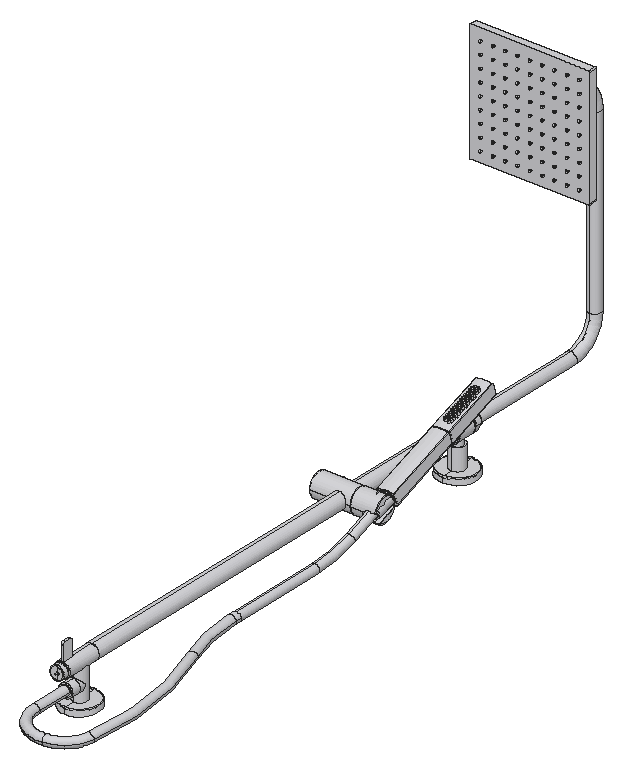
Revit family "Shower-Shower_Column_Kit-KOHLER-ANGULAR-K-76633T_1", category Plumbing Fixtures, host Face, Revit 2017
Family settings
  Host = Face
  Round Connector Dimension = Use Diameter
  Part Type = Normal
  OmniClass Number = 23.31.17.00
  OmniClass Title = Showers
  Cut with Voids When Loaded = No
  Shared = No
  Room Calculation Point = No
Parameters (values of type "CP- Polished chrome")
  Width = 7 7/8"  # constant formula
  WaterSense Certified = 1 = 0  # no
  Waste Water Outlet = "Waste Water Outlet"  # constant formula
  Waste Connection = 1 = 0  # no
  Vent Connection = 1 = 0  # no
  URL = "http://www.kohler.com.cn/\r\nhttp://www.kohler.com.cn/"
  Type = 1
  Product Page URL = ""
  Product Name = "ANGULAR\r\n"  # constant formula
  Product Documentation Link = ""
  Pressure = 80.00 psi  # constant formula
  Model = "K-76633T-CP"  # constant formula
  Material = "Metal construction"  # constant formula
  Master Format 2014 Name = "Residential Showers"  # constant formula
  Master Format 2014 = "22 42 23"  # constant formula
  Manufacturer Address = "Kohler Beijing Office (100016)\n36-2-03-B, No. 88, Liuxiang Road, Beijing"  # constant formula
  Manufacturer = "KOHLER Co."  # constant formula
  Length = 18 109/256"  # constant formula
  Tempered Water Inlet = "Tempered Water Inlet"  # constant formula
  Height = 44 95/256"  # constant formula
  HW Connection = 1 = 1  # yes
  Flow Rate = 2.5 GPM  # constant formula
  Finish = Kohler-Metal-CP-Polished_Chrome
  Environmental Product Declaration = ""
  Drain Included = 1 = 0  # no
  Description = "ANGULAR COLUMN W/SQUARE HEAD AND HAND SHOWER"  # constant formula
  Default Elevation = 42"
  Declare Label = ""
  Date Modified = "12/4/2020"  # constant formula
  Date Created = "12/4/2020"  # constant formula
  Copyright = "Copyright KOHLER Co."  # constant formula
  Contact Us = "http://www.kohler.com.cn/contact/contact-us/"
  Cold Water Inlet = "Cold Water Inlet"  # constant formula
  CW Connection = 1 = 0  # no
  Assembly Code = "D2010700"
  ADA Compliant = 1 = 0  # no
Reference planes (in)
  plane 1 "Center (Front/Back)": y = 0
  plane 2: z = 0
  plane 3 "Center (Left/Right)": x = 0
  plane 4: x = -3.93701
  plane 5: x = 3.93799
  plane 6: y = 14.91494
  plane 7: y = 9.00984
  plane 8: x = 2.0078
  plane 9: y = -21.8563
  plane 10: y = -23.09646
  plane 11: y = -20.61614
  plane 12: x = 1.24016
  plane 13: x = -1.24016
  plane 14: x = -1.85039
  plane 15: x = 2.48031
  plane 16: y = -0.7874
  plane 17: y = 0.7874
  plane 18: y = 20.62402
  plane 19: y = 20.23031
  plane 20: y = -23.74708
  plane 21: z = 18.42578
  plane 22: z = 2.67775
  plane 23: through (0, 20.62383, 10.18421) normal (0, -0.342, 0.9397)
  plane 24: z = 1.33917
  plane 25: through (0, 10.9785, 0) normal (0, 0.9397, 0.342)
  plane 26: through (0, 1.85424, 0) normal (0, 0.9397, 0.342)
  plane 27: z = 22.3622
  plane 28: z = 14.48819
Dimensions and locks (in)
  locked: plane 10 to plane 11 at 2.48031
  locked: plane 13 to plane 12 at 2.48031
  "Width": plane 4 to plane 5
  "Height": plane 18 to plane 20
  locked: plane 7 to plane 9 at 30.86614
  locked: plane 25 to plane 26 at 8.574
  "Length": level to plane 21
  locked: plane 22 to plane 21 at 15.74803
  locked: plane 28 to plane 27 at 7.87402
  locked: plane 24 to plane 22 at 1.33858
  level to plane 22 = 2.67775"
  locked: plane 19 to plane 9 at 42.08661
  locked: plane 6 to plane 9 at 36.77124
  locked: plane 3 "Center (Left/Right)" to plane 8 at 2.0078
  locked: plane 22 to plane 23 (angle 160.00°)
  aligned and locked: plane 2 to host face
  aligned and locked: level to host face
  aligned and locked: nested 1 to plane 1 "Center (Front/Back)"
  aligned and locked: plane 3 "Center (Left/Right)" to nested 1
Automatic sketch dimensions
  host sketch curve to host sketch curve = 96"  (x2)
Nested families (in)
  nested 1: "K-76633T" at (0, 9.00984, 0), type "K-76633T"
Connectors (in)
  piping at (0, -23.74581, 2.67717), diameter 0.5, driven by "Flow Rate", driven by "HW Connection", driven by "Tempered Water Inlet", driven by "Pressure"
    settings: on nested 1, index 1, connector inside diameter 24", connector length 0", flow factor 0, pipe flow 2.5 GPM, pressure drop 80.00 psi, fitting loss kfactor 0, connector angle 0.00°, fixture units 0, engagement length 0", angle of deflection 0.00°, flow configuration 1, flow direction 1, fitting loss method 4, system type 19, joint type 0, gender type 0, connector reference index -1, connector utility 1, adjustable connector no, is connector primary yes, connector description "Tempered Water Inlet"
Definition of nested family "K-76633T"
  Parameters (values of type "K-76633T")
    Material = none
  Reference planes (in)
    plane 1 "Center (Front/Back)": y = 0
    plane 2: z = 0
    plane 3 "Center (Left/Right)": x = 0
    plane 4: x = -3.93701
    plane 5: x = 3.93701
    plane 6: y = -30.86614
    plane 7: y = 11.61417
    plane 8: y = 11.22047
    plane 9 "2": x = 2.0078
    plane 10: y = -9.00984
    plane 11 "1": z = 2.67717
    plane 12: z = 18.4252
    plane 13: z = 22.3622
    plane 14: z = 14.48819
    plane 15: y = 5.9051
    plane 16 "3": through (0, -3.76939, 4.58453) normal (0, 0.342, -0.9397)
    plane 17 "Hs 1": through (0, -3.76939, 4.58453) normal (0, 0.9397, 0.342)
    plane 18 "4": z = 1.33858
    plane 19: y = -32.75591
    plane 20: y = -8.22244
    plane 21: y = -9.79724
    plane 22: x = -1.24016
    plane 23: x = 1.24016
    plane 24: y = -29.62598
    plane 25: y = -32.1063
    plane 26: x = -1.85039
    plane 27: x = 2.48031
    plane 28: through (0, -0.33674, 6.33402) normal (0, -0.9397, -0.342)
    plane 29: through (0, -8.38717, 3.38372) normal (0, -0.9397, -0.342)
  Forms (in)
    Extrusion 1, solid, material <- "Material", detail levels medium+fine
      sketch origin (0, 0, 0) x (1, 0, 0) y (0, 0, 1)
        loop
          arc (-3.85827, 22.3622) -> (-3.91395, 22.33914) -> (-3.93701, 22.28346) r 0.07874
          line (-3.93701, 22.28346) -> (-3.93701, 14.56693)
          arc (-3.93701, 14.56693) -> (-3.91395, 14.51125) -> (-3.85827, 14.48819) r 0.07874
          line (-3.85827, 14.48819) -> (3.85827, 14.48819)
          arc (3.85827, 14.48819) -> (3.91395, 14.51125) -> (3.93701, 14.56693) r 0.07874
          line (3.93701, 14.56693) -> (3.93701, 22.28346)
          arc (3.93701, 22.28346) -> (3.91395, 22.33914) -> (3.85827, 22.3622) r 0.07874
          line (3.85827, 22.3622) -> (-3.85827, 22.3622)
      from -6.41691 to -5.9051
    Revolve 2, solid, material <- "Material", detail levels medium+fine
      sketch origin (0, 0, 0) x (0, 1, 0) y (0, 0, 1)
        loop
          arc (7.56691, 18.89764) -> (7.54885, 18.89194) -> (7.53732, 18.87691) r 0.0315
          line (7.53732, 18.87691) -> (7.50954, 18.8006)
          arc (7.50954, 18.8006) -> (7.49801, 18.78557) -> (7.47994, 18.77988) r 0.0315
          line (7.47994, 18.77988) -> (7.36868, 18.77988)
          arc (7.36868, 18.77988) -> (7.35358, 18.78289) -> (7.34079, 18.79146) r 0.03937
          arc (7.34079, 18.79146) -> (7.2917, 18.83217) -> (7.23581, 18.86287) r 0.33623
          line (7.23581, 18.86287) -> (7.23581, 19.09768)
          arc (7.23581, 19.09768) -> (7.22536, 19.12439) -> (7.19957, 19.13693) r 0.03937
          arc (7.19957, 19.13693) -> (6.81838, 19.16122) -> (6.43659, 19.17323) r 11.86621
          line (6.43659, 19.17323) -> (6.43659, 19.2126) -> (6.36239, 19.2126) -> (6.36239, 18.4252) -> (8.45472, 18.4252) -> (8.45472, 18.78937) -> (8.34604, 18.78937) -> (8.34604, 18.89764) -> (7.56691, 18.89764)
        axis (6.36239, 18.4252) -> (8.45472, 18.4252)
      angle from 0 to 360
    Revolve 3, solid, material <- "Material", detail levels medium+fine
      sketch origin (0, 0, 0) x (0, 1, 0) y (0, 0, 1)
        loop
          line (1.23939, 0) -> (1.23065, 0.36296)
          arc (1.23065, 0.36296) -> (1.22116, 0.38474) -> (1.19916, 0.3937) r 0.0315
          line (1.19916, 0.3937) -> (0.49213, 0.3937) -> (0.49213, 1.75197) -> (0.31487, 1.75197) -> (0.31487, 2.69198) -> (0, 2.69198) -> (0, 0) -> (1.23939, 0)
        axis (0, 2.69198) -> (0, 0)
      angle from 0 to 360
    Revolve 4, solid, material <- "Material", detail levels medium+fine
      sketch origin (0, 0, 0) x (0, 1, 0) y (0, 0, 1)
        loop
          line (1.15567, 2.67717) -> (1.15567, 3.30316)
          arc (1.15567, 3.30316) -> (1.14875, 3.31987) -> (1.13204, 3.32679) r 0.02362
          line (1.13204, 3.32679) -> (0.70685, 3.32679)
          arc (0.70685, 3.32679) -> (0.69014, 3.31987) -> (0.68322, 3.30316) r 0.02362
          line (0.68322, 3.30316) -> (0.68322, 3.22835) -> (0.62008, 3.22835) -> (0.62008, 3.30316)
          arc (0.62008, 3.30316) -> (0.61316, 3.31987) -> (0.59646, 3.32679) r 0.02362
          line (0.59646, 3.32679) -> (-0.59646, 3.32679)
          arc (-0.59646, 3.32679) -> (-0.61316, 3.31987) -> (-0.62008, 3.30316) r 0.02362
          line (-0.62008, 3.30316) -> (-0.62008, 3.16929) -> (-29.89173, 3.16929) -> (-29.89173, 3.02555) -> (-29.9311, 3.02555) -> (-29.9311, 3.16929) -> (-32.28645, 3.16929) -> (-32.28645, 3.10734) -> (-32.31795, 3.10734) -> (-32.31795, 3.16929) -> (-32.37205, 3.16929) -> (-32.37205, 3.09918)
          arc (-32.37205, 3.09918) -> (-32.37839, 3.11398) -> (-32.39329, 3.12008) r 0.02125
          line (-32.39329, 3.12008) -> (-32.72441, 3.12008)
          arc (-32.72441, 3.12008) -> (-32.74668, 3.11086) -> (-32.75591, 3.08858) r 0.0315
          line (-32.75591, 3.08858) -> (-32.75591, 2.67717) -> (1.15567, 2.67717)
        axis (1.15567, 2.67717) -> (-32.75591, 2.67717)
      angle from 0 to 360
    Extrusion 5, solid, material <- "Material", detail levels medium+fine
      sketch origin (0, 0, 0) x (0, 1, 0) y (0, 0, 1)
        loop
          line (-32.25394, 2.88736) -> (-31.62402, 2.88736) -> (-31.62402, 4.1472)
          arc (-31.62402, 4.1472) -> (-31.65861, 4.23072) -> (-31.74213, 4.26531) r 0.11811
          line (-31.74213, 4.26531) -> (-32.13583, 4.26531)
          arc (-32.13583, 4.26531) -> (-32.21934, 4.23072) -> (-32.25394, 4.1472) r 0.11811
          line (-32.25394, 4.1472) -> (-32.25394, 2.88736)
      from -0.07874 to 0.07874
    Revolve 6, solid, material <- "Material", detail levels medium+fine
      sketch origin (0, 0, 0) x (0, 1, 0) y (0, 0, 1)
        loop
          line (-29.62598, 0) -> (-29.63568, 0.3707)
          arc (-29.63568, 0.3707) -> (-29.64281, 0.387) -> (-29.65929, 0.3937) r 0.02362
          line (-29.65929, 0.3937) -> (-30.40568, 0.3937) -> (-30.40568, 2.6538) -> (-30.86614, 2.6538) -> (-30.86614, 0) -> (-29.62598, 0)
        axis (-30.86614, 0) -> (-30.86614, 2.6538)
      angle from 0 to 360
    Revolve 7, solid, material <- "Material", detail levels medium+fine
      sketch origin (0, 0, 0) x (0, 1, 0) y (0, 0, 1)
        loop
          line (-31.41732, 1.7815) -> (-32.00787, 1.7815)
          arc (-32.00787, 1.7815) -> (-32.03015, 1.77227) -> (-32.03937, 1.75) r 0.0315
          line (-32.03937, 1.75) -> (-32.03937, 1.33858) -> (-30.84468, 1.33858) -> (-30.84468, 1.79134) -> (-31.39764, 1.79134) -> (-31.39764, 1.7586)
          arc (-31.39764, 1.7586) -> (-31.40223, 1.77457) -> (-31.41732, 1.7815) r 0.01991
        axis (-32.03937, 1.33858) -> (-30.84468, 1.33858)
      angle from 0 to 360
    Revolve 8, solid, material <- "Material", detail levels medium+fine
      sketch origin (0, 0, 2.67717) x (0, 1, 0) y (-1, 0, 0)
        loop
          line (-9.00984, 1.85039) -> (-9.00984, -2.48031)
          arc (-9.00984, -2.48031) -> (-8.62746, -2.47686) -> (-8.24521, -2.46648) r 21.1029
          arc (-8.24521, -2.46648) -> (-8.22906, -2.45927) -> (-8.22244, -2.44287) r 0.02362
          line (-8.22244, -2.44287) -> (-8.22244, -0.87) -> (-8.32956, -0.87) -> (-8.32956, -0.82677) -> (-8.22244, -0.82677) -> (-8.22244, 1.82677)
          arc (-8.22244, 1.82677) -> (-8.22936, 1.84347) -> (-8.24606, 1.85039) r 0.02362
          line (-8.24606, 1.85039) -> (-9.00984, 1.85039)
        axis (-9.00984, 1.85039) -> (-9.00984, -2.48031)
      angle from 0 to 360
    Revolve 9, solid, material <- "Material", detail levels medium+fine
      sketch origin (0, 0, 2.67717) x (0, 1, 0) y (-1, 0, 0)
        loop
          line (-8.27719, 1.32295) -> (-8.34538, 1.04947) -> (-7.88958, 0.93583) -> (-7.8214, 1.20931) -> (-8.27719, 1.32295)
        axis (-7.88958, 0.93583) -> (-8.34538, 1.04947)
      angle from 0 to 360
    Extrusion 10, void
      sketch origin (0, 0, 2.67717) x (0, 1, 0) y (-1, 0, 0)
        loop
          line (-7.81203, 1.31888) -> (-8.04134, 1.31888) -> (-8.04134, 0.59677) -> (-7.81203, 0.59677) -> (-7.81203, 1.31888)
      from -0.44094 to 0.73417
    Sweep 11, solid, material <- "Material"
      path origin (0, 0, 0) x (0, 1, 0) y (0, 0, 1)
        loop
          line (1.12965, 2.67717) -> (9.25197, 2.67717)
          arc (9.25197, 2.67717) -> (10.64391, 3.25373) -> (11.22047, 4.64567) r 1.9685
          line (11.22047, 4.64567) -> (11.22047, 16.45669)
          arc (11.22047, 16.45669) -> (10.64391, 17.84864) -> (9.25197, 18.4252) r 1.9685
          line (9.25197, 18.4252) -> (8.45472, 18.4252)
      profile origin (0, 5.19081, 2.67717) x (0, 0, 1) y (1, 0, 0)
        loop
          circle (0, 0) r 0.3937
    Extrusion 12, void
      sketch origin (0, 0, 0) x (1, 0, 0) y (0, 0, 1)
        loop
          line (0.72394, 2.78627) -> (0.34324, 2.09337) -> (0.47413, 2.02146) -> (0.85483, 2.71436) -> (0.72394, 2.78627)
        loop
          line (-0.68792, 2.6313) -> (-0.33266, 3.2779) -> (-0.47091, 3.35386) -> (-0.82617, 2.70726) -> (-0.68792, 2.6313)
      from -1.41527 to -0.64778
    Revolve 13, void
      sketch origin (2.0078, 0, 0) x (0, -1, 0) y (0, 0, 1)
        loop
          line (8.42361, 3.44129) -> (8.2466, 2.95496) -> (9.89565, 2.35476) -> (10.03069, 2.72578) -> (8.42361, 3.44129)
        axis (9.89565, 2.35476) -> (8.2466, 2.95496)
      angle from 0 to 360
    Extrusion 14, void
      sketch origin (2.0078, 0, 0) x (0, -1, 0) y (0, 0, 1)
        loop
          line (7.55637, 3.59727) -> (7.30499, 2.9066) -> (10.70967, 1.66739) -> (10.96105, 2.35807) -> (7.55637, 3.59727)
      from -1.56367 to 0.00441
    Revolve 15, solid, material <- "Material", detail levels medium+fine
      sketch origin (2.0078, 0, 0) x (0, -1, 0) y (0, 0, 1)
        loop
          arc (8.47236, 3.35461) -> (8.46941, 3.36968) -> (8.45758, 3.37948) r 0.02284
          line (8.45758, 3.37948) -> (8.41624, 3.39452)
          arc (8.41624, 3.39452) -> (8.39818, 3.39373) -> (8.38597, 3.3804) r 0.02362
          line (8.38597, 3.3804) -> (8.23293, 2.95994) -> (9.46807, 2.51038) -> (9.56906, 2.78785) -> (9.52837, 2.80266) -> (9.55502, 2.8759)
          arc (9.55502, 2.8759) -> (9.55424, 2.89938) -> (9.53742, 2.91579) r 0.0315
          line (9.53742, 2.91579) -> (8.47236, 3.35461)
        axis (8.23293, 2.95994) -> (9.46807, 2.51038)
      angle from 0 to 360
    Extrusion 16, solid, material <- "Material", detail levels medium+fine
      sketch origin (0, -1.85502, -0.67517) x (0, 0.34202, -0.939693) y (-1, 0, 0)
        loop
          arc (-6.01022, -2.5198) -> (-5.99972, -2.53704) -> (-5.98092, -2.54437) r 0.0315
          arc (-5.98092, -2.54437) -> (-5.59027, -2.5534) -> (-5.19962, -2.54494) r 8.72381
          arc (-5.19962, -2.54494) -> (-5.18062, -2.53748) -> (-5.17018, -2.51994) r 0.0315
          arc (-5.17018, -2.51994) -> (-5.11713, -2.00776) -> (-5.17052, -1.49562) r 2.49101
          arc (-5.17052, -1.49562) -> (-5.18096, -1.47809) -> (-5.19996, -1.47064) r 0.0315
          arc (-5.19996, -1.47064) -> (-5.591, -1.46219) -> (-5.98203, -1.47127) r 8.72381
          arc (-5.98203, -1.47127) -> (-6.00085, -1.47863) -> (-6.01134, -1.49591) r 0.0315
          arc (-6.01134, -1.49591) -> (-6.0672, -2.00792) -> (-6.01022, -2.5198) r 2.35051
      from -4.75 to 3.824
    Extrusion 17, void
      sketch origin (2.0078, 0, 0) x (0, -1, 0) y (0, 0, 1)
        loop
          line (4.00768, 5.23921) -> (3.88044, 5.28552) -> (3.80642, 5.08214) -> (3.86071, 5.06238)
          arc (3.86071, 5.06238) -> (3.87404, 5.05017) -> (3.87483, 5.0321) r 0.02362
          line (3.87483, 5.0321) -> (3.56244, 4.17382)
          arc (3.56244, 4.17382) -> (3.55022, 4.16049) -> (3.53216, 4.1597) r 0.02362
          line (3.53216, 4.1597) -> (3.47787, 4.17946) -> (3.40388, 3.97616) -> (3.53111, 3.92985) -> (4.00768, 5.23921)
      from -0.93574 to 0.73032
    Revolve 18, solid, material <- "Material", detail levels medium+fine
      sketch origin (2.0078, 0, 0) x (0, -1, 0) y (0, 0, 1)
        loop
          line (3.89069, 4.91781) -> (3.83995, 4.93628) -> (3.71865, 4.603) -> (3.76939, 4.58453) -> (3.89069, 4.91781)
        axis (3.71865, 4.603) -> (3.76939, 4.58453)
      angle from 0 to 360
    Extrusion 19, solid, detail levels medium+fine
      sketch origin (0, 0, 0) x (1, 0, 0) y (0, 0, 1)
        loop
          circle (-3.19857, 21.62108) r 0.07087
      from -6.02321 to -5.85242
    Extrusion 20, solid, detail levels medium+fine
      sketch origin (0, 0, -0.80712) x (1, 0, 0) y (0, 0, 1)
        loop
          circle (-3.19857, 21.62108) r 0.07087
      from -6.02321 to -5.85242
    Extrusion 21, solid, detail levels medium+fine
      sketch origin (0, 0, -1.61423) x (1, 0, 0) y (0, 0, 1)
        loop
          circle (-3.19857, 21.62108) r 0.07087
      from -6.02321 to -5.85242
    Extrusion 22, solid, detail levels medium+fine
      sketch origin (0, 0, -2.42135) x (1, 0, 0) y (0, 0, 1)
        loop
          circle (-3.19857, 21.62108) r 0.07087
      from -6.02321 to -5.85242
    Extrusion 23, solid, detail levels medium+fine
      sketch origin (0, 0, -3.22847) x (1, 0, 0) y (0, 0, 1)
        loop
          circle (-3.19857, 21.62108) r 0.07087
      from -6.02321 to -5.85242
    Extrusion 24, solid, detail levels medium+fine
      sketch origin (0, 0, -4.03559) x (1, 0, 0) y (0, 0, 1)
        loop
          circle (-3.19857, 21.62108) r 0.07087
      from -6.02321 to -5.85242
    Extrusion 25, solid, detail levels medium+fine
      sketch origin (0, 0, -4.8427) x (1, 0, 0) y (0, 0, 1)
        loop
          circle (-3.19857, 21.62108) r 0.07087
      from -6.02321 to -5.85242
    Extrusion 26, solid, detail levels medium+fine
      sketch origin (0, 0, -5.64982) x (1, 0, 0) y (0, 0, 1)
        loop
          circle (-3.19857, 21.62108) r 0.07087
      from -6.02321 to -5.85242
    Extrusion 27, solid, detail levels medium+fine
      sketch origin (0, 0, -6.45694) x (1, 0, 0) y (0, 0, 1)
        loop
          circle (-3.19857, 21.62108) r 0.07087
      from -6.02321 to -5.85242
    Extrusion 28, solid, detail levels medium+fine
      sketch origin (0.8071, 0, 0) x (1, 0, 0) y (0, 0, 1)
        loop
          circle (-3.19857, 21.62108) r 0.07087
      from -6.02321 to -5.85242
    Extrusion 29, solid, detail levels medium+fine
      sketch origin (0.8071, 0, -0.80712) x (1, 0, 0) y (0, 0, 1)
        loop
          circle (-3.19857, 21.62108) r 0.07087
      from -6.02321 to -5.85242
    Extrusion 30, solid, detail levels medium+fine
      sketch origin (0.8071, 0, -1.61423) x (1, 0, 0) y (0, 0, 1)
        loop
          circle (-3.19857, 21.62108) r 0.07087
      from -6.02321 to -5.85242
    Extrusion 31, solid, detail levels medium+fine
      sketch origin (0.8071, 0, -2.42135) x (1, 0, 0) y (0, 0, 1)
        loop
          circle (-3.19857, 21.62108) r 0.07087
      from -6.02321 to -5.85242
    Extrusion 32, solid, detail levels medium+fine
      sketch origin (0.8071, 0, -3.22847) x (1, 0, 0) y (0, 0, 1)
        loop
          circle (-3.19857, 21.62108) r 0.07087
      from -6.02321 to -5.85242
    Extrusion 33, solid, detail levels medium+fine
      sketch origin (0.8071, 0, -4.03559) x (1, 0, 0) y (0, 0, 1)
        loop
          circle (-3.19857, 21.62108) r 0.07087
      from -6.02321 to -5.85242
    Extrusion 34, solid, detail levels medium+fine
      sketch origin (0.8071, 0, -4.8427) x (1, 0, 0) y (0, 0, 1)
        loop
          circle (-3.19857, 21.62108) r 0.07087
      from -6.02321 to -5.85242
    Extrusion 35, solid, detail levels medium+fine
      sketch origin (0.8071, 0, -5.64982) x (1, 0, 0) y (0, 0, 1)
        loop
          circle (-3.19857, 21.62108) r 0.07087
      from -6.02321 to -5.85242
    Extrusion 36, solid, detail levels medium+fine
      sketch origin (0.8071, 0, -6.45694) x (1, 0, 0) y (0, 0, 1)
        loop
          circle (-3.19857, 21.62108) r 0.07087
      from -6.02321 to -5.85242
    Extrusion 37, solid, detail levels medium+fine
      sketch origin (1.61421, 0, 0) x (1, 0, 0) y (0, 0, 1)
        loop
          circle (-3.19857, 21.62108) r 0.07087
      from -6.02321 to -5.85242
    Extrusion 38, solid, detail levels medium+fine
      sketch origin (1.61421, 0, -0.80712) x (1, 0, 0) y (0, 0, 1)
        loop
          circle (-3.19857, 21.62108) r 0.07087
      from -6.02321 to -5.85242
    Extrusion 39, solid, detail levels medium+fine
      sketch origin (1.61421, 0, -1.61423) x (1, 0, 0) y (0, 0, 1)
        loop
          circle (-3.19857, 21.62108) r 0.07087
      from -6.02321 to -5.85242
    Extrusion 40, solid, detail levels medium+fine
      sketch origin (1.61421, 0, -2.42135) x (1, 0, 0) y (0, 0, 1)
        loop
          circle (-3.19857, 21.62108) r 0.07087
      from -6.02321 to -5.85242
    Extrusion 41, solid, detail levels medium+fine
      sketch origin (1.61421, 0, -3.22847) x (1, 0, 0) y (0, 0, 1)
        loop
          circle (-3.19857, 21.62108) r 0.07087
      from -6.02321 to -5.85242
    Extrusion 42, solid, detail levels medium+fine
      sketch origin (1.61421, 0, -4.03559) x (1, 0, 0) y (0, 0, 1)
        loop
          circle (-3.19857, 21.62108) r 0.07087
      from -6.02321 to -5.85242
    Extrusion 43, solid, detail levels medium+fine
      sketch origin (1.61421, 0, -4.8427) x (1, 0, 0) y (0, 0, 1)
        loop
          circle (-3.19857, 21.62108) r 0.07087
      from -6.02321 to -5.85242
    Extrusion 44, solid, detail levels medium+fine
      sketch origin (1.61421, 0, -5.64982) x (1, 0, 0) y (0, 0, 1)
        loop
          circle (-3.19857, 21.62108) r 0.07087
      from -6.02321 to -5.85242
    Extrusion 45, solid, detail levels medium+fine
      sketch origin (1.61421, 0, -6.45694) x (1, 0, 0) y (0, 0, 1)
        loop
          circle (-3.19857, 21.62108) r 0.07087
      from -6.02321 to -5.85242
    Extrusion 46, solid, detail levels medium+fine
      sketch origin (2.42131, 0, 0) x (1, 0, 0) y (0, 0, 1)
        loop
          circle (-3.19857, 21.62108) r 0.07087
      from -6.02321 to -5.85242
    Extrusion 47, solid, detail levels medium+fine
      sketch origin (2.42131, 0, -0.80712) x (1, 0, 0) y (0, 0, 1)
        loop
          circle (-3.19857, 21.62108) r 0.07087
      from -6.02321 to -5.85242
    Extrusion 48, solid, detail levels medium+fine
      sketch origin (2.42131, 0, -1.61423) x (1, 0, 0) y (0, 0, 1)
        loop
          circle (-3.19857, 21.62108) r 0.07087
      from -6.02321 to -5.85242
    Extrusion 49, solid, detail levels medium+fine
      sketch origin (2.42131, 0, -2.42135) x (1, 0, 0) y (0, 0, 1)
        loop
          circle (-3.19857, 21.62108) r 0.07087
      from -6.02321 to -5.85242
    Extrusion 50, solid, detail levels medium+fine
      sketch origin (2.42131, 0, -3.22847) x (1, 0, 0) y (0, 0, 1)
        loop
          circle (-3.19857, 21.62108) r 0.07087
      from -6.02321 to -5.85242
    Extrusion 51, solid, detail levels medium+fine
      sketch origin (2.42131, 0, -4.03559) x (1, 0, 0) y (0, 0, 1)
        loop
          circle (-3.19857, 21.62108) r 0.07087
      from -6.02321 to -5.85242
    Extrusion 52, solid, detail levels medium+fine
      sketch origin (2.42131, 0, -4.8427) x (1, 0, 0) y (0, 0, 1)
        loop
          circle (-3.19857, 21.62108) r 0.07087
      from -6.02321 to -5.85242
    Extrusion 53, solid, detail levels medium+fine
      sketch origin (2.42131, 0, -5.64982) x (1, 0, 0) y (0, 0, 1)
        loop
          circle (-3.19857, 21.62108) r 0.07087
      from -6.02321 to -5.85242
    Extrusion 54, solid, detail levels medium+fine
      sketch origin (2.42131, 0, -6.45694) x (1, 0, 0) y (0, 0, 1)
        loop
          circle (-3.19857, 21.62108) r 0.07087
      from -6.02321 to -5.85242
    Extrusion 55, solid, detail levels medium+fine
      sketch origin (3.22842, 0, 0) x (1, 0, 0) y (0, 0, 1)
        loop
          circle (-3.19857, 21.62108) r 0.07087
      from -6.02321 to -5.85242
    Extrusion 56, solid, detail levels medium+fine
      sketch origin (3.22842, 0, -0.80712) x (1, 0, 0) y (0, 0, 1)
        loop
          circle (-3.19857, 21.62108) r 0.07087
      from -6.02321 to -5.85242
    Extrusion 57, solid, detail levels medium+fine
      sketch origin (3.22842, 0, -1.61423) x (1, 0, 0) y (0, 0, 1)
        loop
          circle (-3.19857, 21.62108) r 0.07087
      from -6.02321 to -5.85242
    Extrusion 58, solid, detail levels medium+fine
      sketch origin (3.22842, 0, -2.42135) x (1, 0, 0) y (0, 0, 1)
        loop
          circle (-3.19857, 21.62108) r 0.07087
      from -6.02321 to -5.85242
    Extrusion 59, solid, detail levels medium+fine
      sketch origin (3.22842, 0, -3.22847) x (1, 0, 0) y (0, 0, 1)
        loop
          circle (-3.19857, 21.62108) r 0.07087
      from -6.02321 to -5.85242
    Extrusion 60, solid, detail levels medium+fine
      sketch origin (3.22842, 0, -4.03559) x (1, 0, 0) y (0, 0, 1)
        loop
          circle (-3.19857, 21.62108) r 0.07087
      from -6.02321 to -5.85242
    Extrusion 61, solid, detail levels medium+fine
      sketch origin (3.22842, 0, -4.8427) x (1, 0, 0) y (0, 0, 1)
        loop
          circle (-3.19857, 21.62108) r 0.07087
      from -6.02321 to -5.85242
    Extrusion 62, solid, detail levels medium+fine
      sketch origin (3.22842, 0, -5.64982) x (1, 0, 0) y (0, 0, 1)
        loop
          circle (-3.19857, 21.62108) r 0.07087
      from -6.02321 to -5.85242
    Extrusion 63, solid, detail levels medium+fine
      sketch origin (3.22842, 0, -6.45694) x (1, 0, 0) y (0, 0, 1)
        loop
          circle (-3.19857, 21.62108) r 0.07087
      from -6.02321 to -5.85242
    Extrusion 64, solid, detail levels medium+fine
      sketch origin (4.03552, 0, 0) x (1, 0, 0) y (0, 0, 1)
        loop
          circle (-3.19857, 21.62108) r 0.07087
      from -6.02321 to -5.85242
    Extrusion 65, solid, detail levels medium+fine
      sketch origin (4.03552, 0, -0.80712) x (1, 0, 0) y (0, 0, 1)
        loop
          circle (-3.19857, 21.62108) r 0.07087
      from -6.02321 to -5.85242
    Extrusion 66, solid, detail levels medium+fine
      sketch origin (4.03552, 0, -1.61423) x (1, 0, 0) y (0, 0, 1)
        loop
          circle (-3.19857, 21.62108) r 0.07087
      from -6.02321 to -5.85242
    Extrusion 67, solid, detail levels medium+fine
      sketch origin (4.03552, 0, -2.42135) x (1, 0, 0) y (0, 0, 1)
        loop
          circle (-3.19857, 21.62108) r 0.07087
      from -6.02321 to -5.85242
    Extrusion 68, solid, detail levels medium+fine
      sketch origin (4.03552, 0, -3.22847) x (1, 0, 0) y (0, 0, 1)
        loop
          circle (-3.19857, 21.62108) r 0.07087
      from -6.02321 to -5.85242
    Extrusion 69, solid, detail levels medium+fine
      sketch origin (4.03552, 0, -4.03559) x (1, 0, 0) y (0, 0, 1)
        loop
          circle (-3.19857, 21.62108) r 0.07087
      from -6.02321 to -5.85242
    Extrusion 70, solid, detail levels medium+fine
      sketch origin (4.03552, 0, -4.8427) x (1, 0, 0) y (0, 0, 1)
        loop
          circle (-3.19857, 21.62108) r 0.07087
      from -6.02321 to -5.85242
    Extrusion 71, solid, detail levels medium+fine
      sketch origin (4.03552, 0, -5.64982) x (1, 0, 0) y (0, 0, 1)
        loop
          circle (-3.19857, 21.62108) r 0.07087
      from -6.02321 to -5.85242
    Extrusion 72, solid, detail levels medium+fine
      sketch origin (4.03552, 0, -6.45694) x (1, 0, 0) y (0, 0, 1)
        loop
          circle (-3.19857, 21.62108) r 0.07087
      from -6.02321 to -5.85242
    Extrusion 73, solid, detail levels medium+fine
      sketch origin (4.84263, 0, 0) x (1, 0, 0) y (0, 0, 1)
        loop
          circle (-3.19857, 21.62108) r 0.07087
      from -6.02321 to -5.85242
    Extrusion 74, solid, detail levels medium+fine
      sketch origin (4.84263, 0, -0.80712) x (1, 0, 0) y (0, 0, 1)
        loop
          circle (-3.19857, 21.62108) r 0.07087
      from -6.02321 to -5.85242
    Extrusion 75, solid, detail levels medium+fine
      sketch origin (4.84263, 0, -1.61423) x (1, 0, 0) y (0, 0, 1)
        loop
          circle (-3.19857, 21.62108) r 0.07087
      from -6.02321 to -5.85242
    Extrusion 76, solid, detail levels medium+fine
      sketch origin (4.84263, 0, -2.42135) x (1, 0, 0) y (0, 0, 1)
        loop
          circle (-3.19857, 21.62108) r 0.07087
      from -6.02321 to -5.85242
    Extrusion 77, solid, detail levels medium+fine
      sketch origin (4.84263, 0, -3.22847) x (1, 0, 0) y (0, 0, 1)
        loop
          circle (-3.19857, 21.62108) r 0.07087
      from -6.02321 to -5.85242
    Extrusion 78, solid, detail levels medium+fine
      sketch origin (4.84263, 0, -4.03559) x (1, 0, 0) y (0, 0, 1)
        loop
          circle (-3.19857, 21.62108) r 0.07087
      from -6.02321 to -5.85242
    Extrusion 79, solid, detail levels medium+fine
      sketch origin (4.84263, 0, -4.8427) x (1, 0, 0) y (0, 0, 1)
        loop
          circle (-3.19857, 21.62108) r 0.07087
      from -6.02321 to -5.85242
    Extrusion 80, solid, detail levels medium+fine
      sketch origin (4.84263, 0, -5.64982) x (1, 0, 0) y (0, 0, 1)
        loop
          circle (-3.19857, 21.62108) r 0.07087
      from -6.02321 to -5.85242
    Extrusion 81, solid, detail levels medium+fine
      sketch origin (4.84263, 0, -6.45694) x (1, 0, 0) y (0, 0, 1)
        loop
          circle (-3.19857, 21.62108) r 0.07087
      from -6.02321 to -5.85242
    Extrusion 82, solid, detail levels medium+fine
      sketch origin (5.64973, 0, 0) x (1, 0, 0) y (0, 0, 1)
        loop
          circle (-3.19857, 21.62108) r 0.07087
      from -6.02321 to -5.85242
    Extrusion 83, solid, detail levels medium+fine
      sketch origin (5.64973, 0, -0.80712) x (1, 0, 0) y (0, 0, 1)
        loop
          circle (-3.19857, 21.62108) r 0.07087
      from -6.02321 to -5.85242
    Extrusion 84, solid, detail levels medium+fine
      sketch origin (5.64973, 0, -1.61423) x (1, 0, 0) y (0, 0, 1)
        loop
          circle (-3.19857, 21.62108) r 0.07087
      from -6.02321 to -5.85242
    Extrusion 85, solid, detail levels medium+fine
      sketch origin (5.64973, 0, -2.42135) x (1, 0, 0) y (0, 0, 1)
        loop
          circle (-3.19857, 21.62108) r 0.07087
      from -6.02321 to -5.85242
    Extrusion 86, solid, detail levels medium+fine
      sketch origin (5.64973, 0, -3.22847) x (1, 0, 0) y (0, 0, 1)
        loop
          circle (-3.19857, 21.62108) r 0.07087
      from -6.02321 to -5.85242
    Extrusion 87, solid, detail levels medium+fine
      sketch origin (5.64973, 0, -4.03559) x (1, 0, 0) y (0, 0, 1)
        loop
          circle (-3.19857, 21.62108) r 0.07087
      from -6.02321 to -5.85242
    Extrusion 88, solid, detail levels medium+fine
      sketch origin (5.64973, 0, -4.8427) x (1, 0, 0) y (0, 0, 1)
        loop
          circle (-3.19857, 21.62108) r 0.07087
      from -6.02321 to -5.85242
    Extrusion 89, solid, detail levels medium+fine
      sketch origin (5.64973, 0, -5.64982) x (1, 0, 0) y (0, 0, 1)
        loop
          circle (-3.19857, 21.62108) r 0.07087
      from -6.02321 to -5.85242
    Extrusion 90, solid, detail levels medium+fine
      sketch origin (5.64973, 0, -6.45694) x (1, 0, 0) y (0, 0, 1)
        loop
          circle (-3.19857, 21.62108) r 0.07087
      from -6.02321 to -5.85242
    Extrusion 91, solid, detail levels medium+fine
      sketch origin (6.45684, 0, 0) x (1, 0, 0) y (0, 0, 1)
        loop
          circle (-3.19857, 21.62108) r 0.07087
      from -6.02321 to -5.85242
    Extrusion 92, solid, detail levels medium+fine
      sketch origin (6.45684, 0, -0.80712) x (1, 0, 0) y (0, 0, 1)
        loop
          circle (-3.19857, 21.62108) r 0.07087
      from -6.02321 to -5.85242
    Extrusion 93, solid, detail levels medium+fine
      sketch origin (6.45684, 0, -1.61423) x (1, 0, 0) y (0, 0, 1)
        loop
          circle (-3.19857, 21.62108) r 0.07087
      from -6.02321 to -5.85242
    Extrusion 94, solid, detail levels medium+fine
      sketch origin (6.45684, 0, -2.42135) x (1, 0, 0) y (0, 0, 1)
        loop
          circle (-3.19857, 21.62108) r 0.07087
      from -6.02321 to -5.85242
    Extrusion 95, solid, detail levels medium+fine
      sketch origin (6.45684, 0, -3.22847) x (1, 0, 0) y (0, 0, 1)
        loop
          circle (-3.19857, 21.62108) r 0.07087
      from -6.02321 to -5.85242
    Extrusion 96, solid, detail levels medium+fine
      sketch origin (6.45684, 0, -4.03559) x (1, 0, 0) y (0, 0, 1)
        loop
          circle (-3.19857, 21.62108) r 0.07087
      from -6.02321 to -5.85242
    Extrusion 97, solid, detail levels medium+fine
      sketch origin (6.45684, 0, -4.8427) x (1, 0, 0) y (0, 0, 1)
        loop
          circle (-3.19857, 21.62108) r 0.07087
      from -6.02321 to -5.85242
    Extrusion 98, solid, detail levels medium+fine
      sketch origin (6.45684, 0, -5.64982) x (1, 0, 0) y (0, 0, 1)
        loop
          circle (-3.19857, 21.62108) r 0.07087
      from -6.02321 to -5.85242
    Extrusion 99, solid, detail levels medium+fine
      sketch origin (6.45684, 0, -6.45694) x (1, 0, 0) y (0, 0, 1)
        loop
          circle (-3.19857, 21.62108) r 0.07087
      from -6.02321 to -5.85242
    Extrusion 100, solid, detail levels medium+fine
      sketch origin (0, -1.91438, 5.2597) x (0, -0.939693, -0.34202) y (-1, 0, 0)
        loop
          circle (-1.21498, -1.89877) r 0.05906
        loop
          circle (-1.01356, -1.89877) r 0.05906
        loop
          circle (-0.8167, -1.89877) r 0.05906
        loop
          circle (-0.61985, -1.89877) r 0.05906
        loop
          circle (-0.423, -1.89877) r 0.05906
        loop
          circle (-0.22615, -1.89877) r 0.05906
        loop
          circle (-0.0293, -1.89877) r 0.05906
        loop
          circle (0.16755, -1.89877) r 0.05906
        loop
          circle (0.3644, -1.89877) r 0.05906
        loop
          circle (0.56125, -1.89877) r 0.05906
        loop
          circle (0.7581, -1.89877) r 0.05906
        loop
          circle (0.95495, -1.89877) r 0.05906
        loop
          circle (1.1518, -1.89877) r 0.05906
        loop
          circle (1.34865, -1.89877) r 0.05906
        loop
          circle (-1.11197, -1.79575) r 0.05906
        loop
          circle (-0.91512, -1.79575) r 0.05906
        loop
          circle (-0.71827, -1.79575) r 0.05906
        loop
          circle (-0.52142, -1.79575) r 0.05906
        loop
          circle (-0.32457, -1.79575) r 0.05906
        loop
          circle (-0.12772, -1.79575) r 0.05906
        loop
          circle (0.06913, -1.79575) r 0.05906
        loop
          circle (0.26598, -1.79575) r 0.05906
        loop
          circle (0.46283, -1.79575) r 0.05906
        loop
          circle (0.65968, -1.79575) r 0.05906
        loop
          circle (0.85654, -1.79575) r 0.05906
        loop
          circle (1.05339, -1.79575) r 0.05906
        loop
          circle (1.25024, -1.79575) r 0.05906
        loop
          circle (-1.21498, -2.11683) r 0.05906
        loop
          circle (-1.01356, -2.11683) r 0.05906
        loop
          circle (-0.8167, -2.11683) r 0.05906
        loop
          circle (-0.61985, -2.11683) r 0.05906
        loop
          circle (-0.423, -2.11683) r 0.05906
        loop
          circle (-0.22615, -2.11683) r 0.05906
        loop
          circle (-0.0293, -2.11683) r 0.05906
        loop
          circle (0.16755, -2.11683) r 0.05906
        loop
          circle (0.3644, -2.11683) r 0.05906
        loop
          circle (0.56125, -2.11683) r 0.05906
        loop
          circle (0.7581, -2.11683) r 0.05906
        loop
          circle (0.95495, -2.11683) r 0.05906
        loop
          circle (1.1518, -2.11683) r 0.05906
        loop
          circle (1.34865, -2.11683) r 0.05906
        loop
          circle (-1.11197, -2.21984) r 0.05906
        loop
          circle (-0.91512, -2.21984) r 0.05906
        loop
          circle (-0.71827, -2.21984) r 0.05906
        loop
          circle (-0.52142, -2.21984) r 0.05906
        loop
          circle (-0.32457, -2.21984) r 0.05906
        loop
          circle (-0.12772, -2.21984) r 0.05906
        loop
          circle (0.06913, -2.21984) r 0.05906
        loop
          circle (0.26598, -2.21984) r 0.05906
        loop
          circle (0.46283, -2.21984) r 0.05906
        loop
          circle (0.65968, -2.21984) r 0.05906
        loop
          circle (0.85654, -2.21984) r 0.05906
        loop
          circle (1.05339, -2.21984) r 0.05906
        loop
          circle (1.25024, -2.21984) r 0.05906
        loop
          circle (-1.11642, -2.0078) r 0.05906
        loop
          circle (-0.91957, -2.0078) r 0.05906
        loop
          circle (-0.72272, -2.0078) r 0.05906
        loop
          circle (-0.52587, -2.0078) r 0.05906
        loop
          circle (-0.32902, -2.0078) r 0.05906
        loop
          circle (-0.13217, -2.0078) r 0.05906
        loop
          circle (0.06468, -2.0078) r 0.05906
        loop
          circle (0.26153, -2.0078) r 0.05906
        loop
          circle (0.45838, -2.0078) r 0.05906
        loop
          circle (0.65523, -2.0078) r 0.05906
        loop
          circle (0.85208, -2.0078) r 0.05906
        loop
          circle (1.04893, -2.0078) r 0.05906
        loop
          circle (1.24578, -2.0078) r 0.05906
      from -0.53947 to -0.277
    Sweep 101, solid, material <- "Material"
      path origin (2.0078, 0, 0) x (0, -1, 0) y (0, 0, 1)
        loop
          line (20.57087, 1.33858) -> (14.1801, 1.33858)
          arc (14.1801, 1.33858) -> (12.71024, 1.46718) -> (11.28505, 1.84906) r 8.46457
          line (11.28505, 1.84906) -> (9.46807, 2.51038)
      profile origin (2.0078, -17.37548, 1.33858) x (0, 0, -1) y (-1, 0, 0)
        loop
          circle (0, 0) r 0.29528
    Sweep 102, solid, material <- "Material"
      path origin (0, 0, 1.33858) x (0, 1, 0) y (-1, 0, 0)
        loop
          line (-32.06885, 0) -> (-34.52756, 0)
          arc (-34.52756, 0) -> (-36.12969, -0.71594) -> (-36.66512, -2.38708) r 2.1506
          arc (-36.66512, -2.38708) -> (-36.15214, -3.47625) -> (-35.07913, -4.02223) r 1.85779
          arc (-35.07913, -4.02223) -> (-30.06558, -4.07186) -> (-25.20977, -2.82317) r 19.22056
          arc (-25.20977, -2.82317) -> (-23.14323, -2.21351) -> (-20.99848, -2.0078) r 11.283
          line (-20.99848, -2.0078) -> (-20.57087, -2.0078)
      profile origin (0, -33.2982, 1.33858) x (1, 0, 0) y (0, 0, 1)
        loop
          circle (0, 0) r 0.29528
    Extrusion 103, void
      sketch origin (0, 0, 0) x (0, 1, 0) y (0, 0, 1)
        loop
          line (8.03108, 18.85827) -> (8.03108, 18.92451) -> (7.51108, 18.92451) -> (7.51108, 18.85827) -> (8.03108, 18.85827)
        loop
          line (8.03108, 17.99213) -> (7.50996, 17.99213) -> (7.50996, 17.90011) -> (8.03108, 17.90011) -> (8.03108, 17.99213)
      from -1.1811 to 1.1811
    Revolve 104, solid, material <- "Material", detail levels coarse
      sketch origin (0, 0, 0) x (0, 1, 0) y (0, 0, 1)
        loop
          line (-30.86614, 0) -> (-30.86614, 2.65997) -> (-31.3266, 2.65997) -> (-31.3266, 0.3937) -> (-32.10645, 0.3937) -> (-32.10645, 0) -> (-30.86614, 0)
        axis (-30.86614, 0) -> (-30.86614, 2.65997)
      angle from 0 to 360
    Revolve 105, solid, material <- "Material", detail levels coarse
      sketch origin (0, 0, 0) x (0, 1, 0) y (0, 0, 1)
        loop
          line (-32.03937, 1.33858) -> (-30.9072, 1.33858) -> (-30.9072, 1.79118) -> (-32.03937, 1.79118) -> (-32.03937, 1.33858)
        axis (-32.03937, 1.33858) -> (-30.9072, 1.33858)
      angle from 0 to 360
    Revolve 106, solid, material <- "Material", detail levels coarse
      sketch origin (0, 0, 0) x (0, 1, 0) y (0, 0, 1)
        loop
          line (-8.77328, 2.67717) -> (1.15157, 2.67717) -> (1.15157, 3.32246) -> (-0.62008, 3.32246) -> (-0.62008, 3.17022) -> (-31.52161, 3.17022) -> (-31.52161, 3.13671) -> (-31.56051, 3.13671) -> (-31.56051, 3.17022) -> (-32.37205, 3.17022) -> (-32.37205, 3.12104) -> (-32.75565, 3.12104) -> (-32.75565, 2.67717) -> (-8.77328, 2.67717)
        axis (-32.75565, 2.67717) -> (1.15157, 2.67717)
      angle from 0 to 360
    Revolve 107, solid, material <- "Material", detail levels coarse
      sketch origin (0, 0, 0) x (0, 1, 0) y (0, 0, 1)
        loop
          line (0.49213, 0.3937) -> (0.49213, 2.68765) -> (0, 2.68765) -> (0, 0) -> (1.23939, 0) -> (1.23939, 0.3937) -> (0.49213, 0.3937)
        axis (0, 0) -> (0, 2.68765)
      angle from 0 to 360
    Extrusion 108, solid, material <- "Material", detail levels coarse
      sketch origin (0, 0, 0) x (0, 1, 0) y (0, 0, 1)
        loop
          circle (-9.00984, 2.67717) r 0.7874
      from -1.84429 to 2.47703
    Extrusion 109, solid, material <- "Material", detail levels coarse
      sketch origin (0, 0, 0) x (1, 0, 0) y (0, 1, 0)
        loop
          line (3.93701, 6.41691) -> (-3.93701, 6.41691) -> (-3.93701, 5.9051) -> (3.93701, 5.9051) -> (3.93701, 6.41691)
      from 14.48819 to 22.3622
    Revolve 110, solid, material <- "Material", detail levels coarse
      sketch origin (0, 0, 0) x (0, 1, 0) y (0, 0, 1)
        loop
          line (8.45542, 18.4252) -> (8.45542, 18.91235) -> (7.2331, 18.91235) -> (7.2331, 19.2126) -> (6.41691, 19.2126) -> (6.41691, 18.4252) -> (8.45542, 18.4252)
        axis (8.45542, 18.4252) -> (6.41691, 18.4252)
      angle from 0 to 360
    Extrusion 111, solid, material <- "Material", detail levels coarse
      sketch origin (0, 0, 0) x (0, 1, 0) y (0, 0, 1)
        loop
          line (-0.01179, 5.44125) -> (-0.33674, 6.33402) -> (-3.87938, 5.04461) -> (-3.83995, 4.93628) -> (-3.89069, 4.91781) -> (-3.93012, 5.02614) -> (-8.39366, 3.40154) -> (-8.06872, 2.50877) -> (-3.60518, 4.13336) -> (-3.64809, 4.25126) -> (-3.59735, 4.26973) -> (-3.55443, 4.15183) -> (-0.01179, 5.44125)
      from 1.46088 to 2.55435
    Revolve 112, solid, material <- "Material", detail levels coarse
      sketch origin (2.0078, 0, 0) x (0, -1, 0) y (0, 0, 1)
        loop
          line (9.44575, 2.51851) -> (9.57056, 2.86142) -> (8.38088, 3.36641) -> (8.23293, 2.95994) -> (9.44575, 2.51851)
        axis (9.44575, 2.51851) -> (8.23293, 2.95994)
      angle from 0 to 360
    Extrusion 113, solid, material <- "Material", detail levels coarse
      sketch origin (0, 0, 0) x (0, 1, 0) y (0, 0, 1)
        loop
          line (-32.25394, 2.94633) -> (-31.62402, 2.94633) -> (-31.62402, 4.26531) -> (-32.25394, 4.26531) -> (-32.25394, 2.94633)
      from -0.07874 to 0.07874
    Extrusion 114, solid, material <- "Material", detail levels medium+fine
      sketch origin (0, 0, 0) x (1, 0, 0) y (0, 0, 1)
        loop
          circle (0, 2.67717) r 0.11811
      from 32.53189 to 32.75565
  Cuts and joins
    Revolve 13, Extrusion 103 cuts Extrusion 1
    Revolve 13, Extrusion 103 cuts Revolve 2
    Revolve 13, Extrusion 103 cuts Revolve 3
    Extrusion 12, Revolve 13, Extrusion 103 cuts Revolve 4
    Revolve 13, Extrusion 103 cuts Extrusion 5
    Revolve 13, Extrusion 103 cuts Revolve 6
    Revolve 13, Extrusion 103 cuts Revolve 7
    Revolve 13, Extrusion 14, Extrusion 103 cuts Revolve 8
    Extrusion 10, Revolve 13, Extrusion 103 cuts Revolve 9
    Extrusion 17 cuts Extrusion 16
    joined: Extrusion 1, Revolve 2, Revolve 3, Revolve 4, Extrusion 5, Revolve 6, Revolve 7, Revolve 8, Revolve 9, Revolve 15, Extrusion 16, Revolve 18
    joined: Extrusion 19, Extrusion 20, Extrusion 21, Extrusion 22, Extrusion 23, Extrusion 24, Extrusion 25, Extrusion 26, Extrusion 27, Extrusion 28, Extrusion 29, Extrusion 30, Extrusion 31, Extrusion 32, Extrusion 33, Extrusion 34, Extrusion 35, Extrusion 36, Extrusion 37, Extrusion 38, Extrusion 39, Extrusion 40, Extrusion 41, Extrusion 42, Extrusion 43, Extrusion 44, Extrusion 45, Extrusion 46, Extrusion 47, Extrusion 48, Extrusion 49, Extrusion 50, Extrusion 51, Extrusion 52, Extrusion 53, Extrusion 54, Extrusion 55, Extrusion 56, Extrusion 57, Extrusion 58, Extrusion 59, Extrusion 60, Extrusion 61, Extrusion 62, Extrusion 63, Extrusion 64, Extrusion 65, Extrusion 66, Extrusion 67, Extrusion 68, Extrusion 69, Extrusion 70, Extrusion 71, Extrusion 72, Extrusion 73, Extrusion 74, Extrusion 75, Extrusion 76, Extrusion 77, Extrusion 78, Extrusion 79, Extrusion 80, Extrusion 81, Extrusion 82, Extrusion 83, Extrusion 84, Extrusion 85, Extrusion 86, Extrusion 87, Extrusion 88, Extrusion 89, Extrusion 90, Extrusion 91, Extrusion 92, Extrusion 93, Extrusion 94, Extrusion 95, Extrusion 96, Extrusion 97, Extrusion 98, Extrusion 99, Extrusion 100
    Revolve 13, Extrusion 103 cuts Sweep 11
    joined: Sweep 11, Sweep 101, Sweep 102
    Revolve 13, Extrusion 14 cuts Extrusion 108
    joined: Revolve 104, Revolve 105, Revolve 106, Revolve 107, Extrusion 108, Extrusion 109, Revolve 110, Extrusion 111, Revolve 112, Extrusion 113
  Lines and regions (in)
    Masking region 1
      outline origin (0, 0, 1.33858) x (0, 1, 0) y (-1, 0, 0)
        loop
          line (8.34604, 0.3937) -> (8.34604, 0.47244) -> (7.56691, 0.47244)
          arc (7.56691, 0.47244) -> (7.54885, 0.46674) -> (7.53732, 0.45172) r 0.0315
          line (7.53732, 0.45172) -> (7.5162, 0.3937) -> (7.30987, 0.3937)
          arc (7.30987, 0.3937) -> (7.27425, 0.41807) -> (7.23581, 0.43767) r 0.33623
          line (7.23581, 0.43767) -> (7.23581, 0.67248)
          arc (7.23581, 0.67248) -> (7.22536, 0.69919) -> (7.19957, 0.71173) r 0.03937
          arc (7.19957, 0.71173) -> (6.81838, 0.73602) -> (6.43659, 0.74803) r 11.86621
          line (6.43659, 0.74803) -> (6.43659, 0.7874) -> (6.41691, 0.81171) -> (6.41691, 3.87795)
          arc (6.41691, 3.87795) -> (6.39961, 3.91971) -> (6.35785, 3.93701) r 0.05906
          line (6.35785, 3.93701) -> (5.96415, 3.93701)
          arc (5.96415, 3.93701) -> (5.9224, 3.91971) -> (5.9051, 3.87795) r 0.05906
          line (5.9051, 3.87795) -> (5.9051, 3.26944) -> (5.85242, 3.26944) -> (5.85242, 3.12771) -> (5.9051, 3.12771) -> (5.9051, 2.46234) -> (5.85242, 2.46234) -> (5.85242, 2.3206) -> (5.9051, 2.3206) -> (5.9051, 1.65523) -> (5.85242, 1.65523) -> (5.85242, 1.5135) -> (5.9051, 1.5135) -> (5.9051, 0.84813) -> (5.85242, 0.84813) -> (5.85242, 0.70639) -> (5.9051, 0.70639) -> (5.9051, 0.3937) -> (1.1752, 0.3937)
          arc (1.1752, 0.3937) -> (1.16575, 0.42087) -> (1.15567, 0.44781) r 1.23939
          line (1.15567, 0.44781) -> (1.15567, 0.626)
          arc (1.15567, 0.626) -> (1.14875, 0.6427) -> (1.13204, 0.64962) r 0.02362
          line (1.13204, 0.64962) -> (1.0555, 0.64962)
          arc (1.0555, 0.64962) -> (-0.08878, 1.23621) -> (-1.1375, 0.49213) r 1.23939
          line (-1.1375, 0.49213) -> (-8.19094, 0.49213) -> (-8.19094, 0.52362) -> (-8.22244, 0.52362) -> (-8.22244, 0.72601) -> (-8.07054, 0.68912)
          arc (-8.07054, 0.68912) -> (-8.05036, 0.6935) -> (-8.04134, 0.71207) r 0.02362
          line (-8.04134, 0.71207) -> (-8.04134, 1.24674)
          arc (-8.04134, 1.24674) -> (-8.04639, 1.26134) -> (-8.05939, 1.2697) r 0.02362
          line (-8.05939, 1.2697) -> (-8.22244, 1.3093) -> (-8.22244, 1.82677)
          arc (-8.22244, 1.82677) -> (-8.22936, 1.84347) -> (-8.24606, 1.85039) r 0.02362
          line (-8.24606, 1.85039) -> (-9.00984, 1.85039) -> (-9.77362, 1.85039)
          arc (-9.77362, 1.85039) -> (-9.79033, 1.84347) -> (-9.79724, 1.82677) r 0.02362
          line (-9.79724, 1.82677) -> (-9.79724, 0.52362) -> (-9.82874, 0.52362) -> (-9.82874, 0.49213) -> (-29.72781, 0.49213)
          arc (-29.72781, 0.49213) -> (-30.86614, 1.24016) -> (-32.00447, 0.49213) r 1.24016
          line (-32.00447, 0.49213) -> (-32.28645, 0.49213) -> (-32.28645, 0.43017) -> (-32.31795, 0.43017) -> (-32.31795, 0.49213) -> (-32.37205, 0.49213) -> (-32.37205, 0.42202)
          arc (-32.37205, 0.42202) -> (-32.37839, 0.43682) -> (-32.39329, 0.44291) r 0.02125
          line (-32.39329, 0.44291) -> (-32.72441, 0.44291)
          arc (-32.72441, 0.44291) -> (-32.74668, 0.43369) -> (-32.75591, 0.41142) r 0.0315
          line (-32.75591, 0.41142) -> (-32.75591, 0.29528) -> (-34.52765, 0.29528)
          arc (-34.52765, 0.29528) -> (-35.78702, -0.05331) -> (-36.6879, -0.99984) r 2.4492
          arc (-36.6879, -0.99984) -> (-36.934, -1.6978) -> (-36.96039, -2.43741) r 2.4492
          arc (-36.96039, -2.43741) -> (-36.34954, -3.70302) -> (-35.08645, -4.31909) r 2.14547
          arc (-35.08645, -4.31909) -> (-33.619, -4.45389) -> (-32.14626, -4.50481) r 25.83729
          arc (-32.14626, -4.50481) -> (-31.55661, -4.49372) -> (-30.96824, -4.45335) r 11.86743
          arc (-30.96824, -4.45335) -> (-27.81315, -3.93687) -> (-24.7589, -2.9919) r 23.22001
          arc (-24.7589, -2.9919) -> (-22.94498, -2.47675) -> (-21.06734, -2.30307) r 10.23622
          line (-21.06734, -2.30307) -> (-9.79724, -2.30307) -> (-9.79724, -2.44287)
          arc (-9.79724, -2.44287) -> (-9.79063, -2.45927) -> (-9.77448, -2.46648) r 0.02362
          arc (-9.77448, -2.46648) -> (-9.39222, -2.47686) -> (-9.00984, -2.48031) r 21.1029
          arc (-9.00984, -2.48031) -> (-8.75754, -2.47706) -> (-8.50544, -2.46648) r 8.68577
          arc (-8.50544, -2.46648) -> (-8.48886, -2.45922) -> (-8.48106, -2.44288) r 0.02595
          line (-8.48106, -2.44288) -> (-8.37806, -2.45834) -> (-8.37417, -2.5198)
          spline (-8.37417, -2.5198) -> (-8.37385, -2.52309) -> (-8.37341, -2.52626) -> (-8.37286, -2.52928) -> (-8.3722, -2.5321) -> (-8.37144, -2.5347) -> (-8.37058, -2.53704) -> (-8.36965, -2.53909) -> (-8.36864, -2.54083) -> (-8.36757, -2.54225) -> (-8.36646, -2.54332) -> (-8.36531, -2.54403) -> (-8.36415, -2.54437)
          spline (-8.36415, -2.54437) -> (-8.35284, -2.54581) -> (-8.34153, -2.54713) -> (-8.33022, -2.54832) -> (-8.31891, -2.54939) -> (-8.30759, -2.55033) -> (-8.29628, -2.55114) -> (-8.28496, -2.55184) -> (-8.27364, -2.5524) -> (-8.26233, -2.55284) -> (-8.25101, -2.55315) -> (-8.23969, -2.55334) -> (-8.22837, -2.5534)
          line (-8.22837, -2.5534) -> (-0.17144, -2.5534)
          spline (-0.17144, -2.5534) -> (-0.16049, -2.55335) -> (-0.14953, -2.55317) -> (-0.13858, -2.55287) -> (-0.12762, -2.55246) -> (-0.11666, -2.55193) -> (-0.10571, -2.55129) -> (-0.09476, -2.55052) -> (-0.0838, -2.54964) -> (-0.07285, -2.54864) -> (-0.0619, -2.54752) -> (-0.05095, -2.54629) -> (-0.04001, -2.54494)
          spline (-0.04001, -2.54494) -> (-0.03883, -2.54459) -> (-0.03767, -2.54387) -> (-0.03654, -2.54279) -> (-0.03547, -2.54135) -> (-0.03445, -2.53957) -> (-0.03351, -2.53748) -> (-0.03265, -2.53509) -> (-0.03188, -2.53245) -> (-0.03122, -2.52958) -> (-0.03067, -2.52651) -> (-0.03024, -2.52328) -> (-0.02994, -2.51994)
          spline (-0.02994, -2.51994) -> (-0.0244, -2.43551) -> (-0.01986, -2.35057) -> (-0.01633, -2.26522) -> (-0.0138, -2.17957) -> (-0.01229, -2.09372) -> (-0.01179, -2.00776) -> (-0.01231, -1.9218) -> (-0.01384, -1.83595) -> (-0.01639, -1.75031) -> (-0.01994, -1.66497) -> (-0.0245, -1.58004) -> (-0.03005, -1.49562)
          spline (-0.03005, -1.49562) -> (-0.03036, -1.49228) -> (-0.03079, -1.48905) -> (-0.03134, -1.48599) -> (-0.032, -1.48312) -> (-0.03277, -1.48047) -> (-0.03362, -1.47809) -> (-0.03457, -1.476) -> (-0.03558, -1.47422) -> (-0.03666, -1.47279) -> (-0.03778, -1.4717) -> (-0.03894, -1.47098) -> (-0.04012, -1.47064)
          spline (-0.04012, -1.47064) -> (-0.05106, -1.46929) -> (-0.062, -1.46806) -> (-0.07294, -1.46694) -> (-0.08388, -1.46594) -> (-0.09482, -1.46506) -> (-0.10577, -1.4643) -> (-0.11671, -1.46365) -> (-0.12766, -1.46313) -> (-0.1386, -1.46271) -> (-0.14955, -1.46242) -> (-0.1605, -1.46224) -> (-0.17144, -1.46219)
          line (-0.17144, -1.46219) -> (-8.22244, -1.46219) -> (-8.22244, -0.87) -> (-8.32956, -0.87) -> (-8.32956, -0.82677) -> (-8.22244, -0.82677) -> (-8.22244, -0.52362) -> (-8.19094, -0.52362) -> (-8.19094, -0.49213) -> (-1.1375, -0.49213)
          arc (-1.1375, -0.49213) -> (-0.08878, -1.23621) -> (1.0555, -0.64962) r 1.23939
          line (1.0555, -0.64962) -> (1.13204, -0.64962)
          arc (1.13204, -0.64962) -> (1.14875, -0.6427) -> (1.15567, -0.626) r 0.02362
          line (1.15567, -0.626) -> (1.15567, -0.44781)
          arc (1.15567, -0.44781) -> (1.16575, -0.42087) -> (1.1752, -0.3937) r 1.23939
          line (1.1752, -0.3937) -> (5.9051, -0.3937) -> (5.9051, -0.76608) -> (5.85242, -0.76608) -> (5.85242, -0.90782) -> (5.9051, -0.90782) -> (5.9051, -1.57319) -> (5.85242, -1.57319) -> (5.85242, -1.71492) -> (5.9051, -1.71492) -> (5.9051, -2.38029) -> (5.85242, -2.38029) -> (5.85242, -2.52203) -> (5.9051, -2.52203) -> (5.9051, -3.1874) -> (5.85242, -3.1874) -> (5.85242, -3.32913) -> (5.9051, -3.32913) -> (5.9051, -3.87795)
          arc (5.9051, -3.87795) -> (5.9224, -3.91971) -> (5.96415, -3.93701) r 0.05906
          line (5.96415, -3.93701) -> (6.35785, -3.93701)
          arc (6.35785, -3.93701) -> (6.39961, -3.91971) -> (6.41691, -3.87795) r 0.05906
          line (6.41691, -3.87795) -> (6.41691, -0.81171) -> (6.43659, -0.7874) -> (6.43659, -0.74803)
          arc (6.43659, -0.74803) -> (6.81838, -0.73602) -> (7.19957, -0.71173) r 11.86621
          arc (7.19957, -0.71173) -> (7.22536, -0.69919) -> (7.23581, -0.67248) r 0.03937
          line (7.23581, -0.67248) -> (7.23581, -0.43767)
          arc (7.23581, -0.43767) -> (7.27425, -0.41807) -> (7.30987, -0.3937) r 0.33623
          line (7.30987, -0.3937) -> (7.5162, -0.3937) -> (7.53732, -0.45172)
          arc (7.53732, -0.45172) -> (7.54885, -0.46674) -> (7.56691, -0.47244) r 0.0315
          line (7.56691, -0.47244) -> (8.34604, -0.47244) -> (8.34604, -0.3937) -> (11.22047, -0.3937)
          arc (11.22047, -0.3937) -> (11.61417, 0) -> (11.22047, 0.3937) r 0.3937
          line (11.22047, 0.3937) -> (8.34604, 0.3937)
        loop
          line (-32.00447, -0.49213) -> (-32.28645, -0.49213) -> (-32.28645, -0.43017) -> (-32.31795, -0.43017) -> (-32.31795, -0.49213) -> (-32.37205, -0.49213) -> (-32.37205, -0.42202)
          arc (-32.37205, -0.42202) -> (-32.37839, -0.43682) -> (-32.39329, -0.44291) r 0.02125
          line (-32.39329, -0.44291) -> (-32.72441, -0.44291)
          arc (-32.72441, -0.44291) -> (-32.74668, -0.43369) -> (-32.75591, -0.41142) r 0.0315
          line (-32.75591, -0.41142) -> (-32.75591, -0.29528) -> (-34.52765, -0.29528)
          arc (-34.52765, -0.29528) -> (-35.48336, -0.55981) -> (-36.16702, -1.27811) r 1.85865
          arc (-36.16702, -1.27811) -> (-36.35378, -1.80778) -> (-36.37381, -2.36905) r 1.85865
          arc (-36.37381, -2.36905) -> (-35.93109, -3.2863) -> (-35.01568, -3.73279) r 1.55492
          arc (-35.01568, -3.73279) -> (-33.58177, -3.86451) -> (-32.1427, -3.91427) r 25.24674
          arc (-32.1427, -3.91427) -> (-31.58239, -3.90373) -> (-31.0233, -3.86537) r 11.27688
          arc (-31.0233, -3.86537) -> (-27.94844, -3.36203) -> (-24.97188, -2.44109) r 22.62946
          arc (-24.97188, -2.44109) -> (-23.05331, -1.89622) -> (-21.06734, -1.71252) r 10.82677
          line (-21.06734, -1.71252) -> (-9.79724, -1.71252) -> (-9.79724, -0.87) -> (-9.69013, -0.87) -> (-9.69013, -0.82677) -> (-9.79724, -0.82677) -> (-9.79724, -0.52362) -> (-9.82874, -0.52362) -> (-9.82874, -0.49213) -> (-29.72781, -0.49213)
          arc (-29.72781, -0.49213) -> (-30.86614, -1.24016) -> (-32.00447, -0.49213) r 1.24016
    Masking region 2
      outline origin (0, 0, 0) x (1, 0, 0) y (0, 0, 1)
        loop
          line (3.85827, 22.3622) -> (-3.85827, 22.3622)
          arc (-3.85827, 22.3622) -> (-3.91395, 22.33914) -> (-3.93701, 22.28346) r 0.07874
          line (-3.93701, 22.28346) -> (-3.93701, 14.56693)
          arc (-3.93701, 14.56693) -> (-3.91395, 14.51125) -> (-3.85827, 14.48819) r 0.07874
          line (-3.85827, 14.48819) -> (-0.3937, 14.48819) -> (-0.3937, 3.46457) -> (-1.82677, 3.46457)
          arc (-1.82677, 3.46457) -> (-1.84347, 3.45765) -> (-1.85039, 3.44094) r 0.02362
          line (-1.85039, 3.44094) -> (-1.85039, 2.67717) -> (-1.85039, 1.91339)
          arc (-1.85039, 1.91339) -> (-1.84347, 1.89668) -> (-1.82677, 1.88976) r 0.02362
          line (-1.82677, 1.88976) -> (-0.46074, 1.88976) -> (-0.46074, 1.75197) -> (-0.49213, 1.75197) -> (-0.49213, 0.3937) -> (-1.20686, 0.3937)
          arc (-1.20686, 0.3937) -> (-1.22336, 0.38698) -> (-1.23047, 0.37065) r 0.02362
          line (-1.23047, 0.37065) -> (-1.23939, 0) -> (1.23939, 0) -> (1.23047, 0.37065)
          arc (1.23047, 0.37065) -> (1.22336, 0.38698) -> (1.20686, 0.3937) r 0.02362
          line (1.20686, 0.3937) -> (0.49213, 0.3937) -> (0.49213, 1.04331) -> (4.21217, 1.04331)
          arc (4.21217, 1.04331) -> (4.50745, 1.33858) -> (4.21217, 1.63386) r 0.29528
